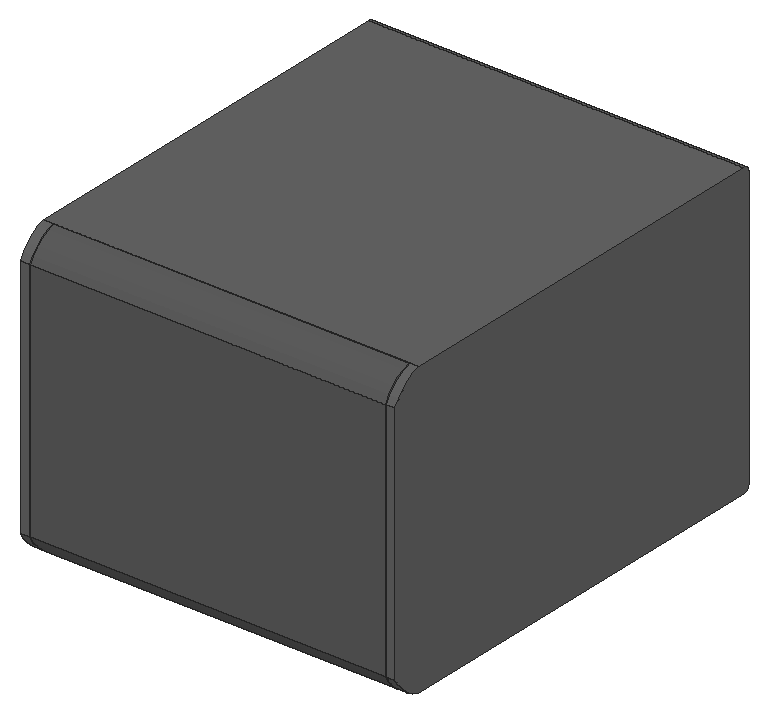
Revit family "GP118-sw", category Communication Devices, Revit 2012
Parameters
  Width = Overall Width  # 655.32 mm
  Weight Product (lb) = 111
  Weight Product (kg) = 50.3
  Weight Dimensional (lb) = 121
  Weight Dimensional (kg) = 54.9
  URL = "http://qsc.com/products/speakers/ap/"
  Sensitivity = 98
  SPL Max = 129
  Regulatory Compliance = "RoHS"
  Rear Handle Offset = 599.516 mm
  Product Page URL = "http://qsc.com/products/speakers/ap/"
  Product Documentation Link = "http://qscmarketing.com/files/5413/5465/8498/GP118_SpecSheet_1212.pdf"
  Power Handling = 1700
  Overall Height = 510.54 mm
  Overall Depth = 771.525 mm
  Model = "GP118-sw"
  Manufacturer URL = "www.qscaudio.com"
  Manufacturer = "QSC Audio Products, LLC"
  Impedance = 8
  Height = Overall Height  # 510.54 mm
  Grill Width = 621.894 mm
  Grille Material = Black Grille
  Grill Depth = 52.07 mm
  Front Handle Offset = 195.021 mm
  Overall Width = 655.32 mm
  Enclosure Material = Black Finish
  Description = "Vented 18\" Subwoofer"
  Depth = Overall Depth  # 771.525 mm
  Default Elevation = 0 mm
Reference planes
  plane 1 "Center (Front/Back)": y = 0
  plane 2: z = 0
  plane 3 "Center (Left/Right)": x = 0
  plane 4 "Enclosure Right Extent": x = 327.66
  plane 5 "Enclosure Left Extent": x = -327.66
  plane 6 "Enclosure Rear Extent": y = 771.525
  plane 7 "Grill Rear Extent": y = 52.07
  plane 8 "Enclosure Top": z = 255.27
  plane 9 "Enclosure Bottom": z = -255.27
  plane 10 "Grill Right Extent": x = 310.947
  plane 11 "Grill Left Extent": x = -310.947
Forms (mm)
  Extrusion 1, solid, material "Black Finish" <- "Enclosure Material"
    sketch origin (-327.66, 0, 0) x (0, -1, 0) y (0, 0, -1)
      loop
        line (-762, -255.27) -> (-52.07, -255.27)
        arc (-52.07, -255.27) -> (-21.449, -239.915) -> (0, -213.205) r 80.391
        arc (0, -213.205) -> (-4.484, 0.001) -> (0, 213.208) r 5070.729
        arc (0, 213.208) -> (-21.449, 239.916) -> (-52.07, 255.27) r 80.391
        line (-52.07, 255.27) -> (-762, 255.27)
        arc (-762, 255.27) -> (-768.735, 252.48) -> (-771.525, 245.745) r 9.525
        line (-771.525, 245.745) -> (-771.525, -245.745)
        arc (-771.525, -245.745) -> (-768.735, -252.48) -> (-762, -255.27) r 9.525
    from 0 to 655.32 <- "Overall Width"
  Extrusion 2, void
    sketch origin (-310.947, 0, 0) x (0, 1, 0) y (0, 0, 1)
      loop
        line (52.07, 255.27) -> (0, 255.27) -> (0, -255.27) -> (52.07, -255.27) -> (52.07, 255.27)
    from 0 to 621.894 <- "Grill Width"
  Extrusion 3, solid, material "Black Grille" <- "Grille Material"
    sketch origin (-310.947, 0, 0) x (0, 1, 0) y (0, 0, 1)
      loop
        arc (52.07, 255.27) -> (21.449, 239.915) -> (0, 213.205) r 80.391
        arc (0, 213.205) -> (4.484, -0.001) -> (0, -213.208) r 5070.729
        arc (0, -213.208) -> (21.449, -239.916) -> (52.07, -255.27) r 80.391
        line (52.07, -255.27) -> (52.07, 255.27)
    from 0 to 621.894 <- "Grill Width"
  Extrusion 4, void
    sketch origin (0, 771.525, 0) x (1, 0, 0) y (0, 0, 1)
      loop
        arc (-102.87, 82.55) -> (-108.258, 80.318) -> (-110.49, 74.93) r 7.62
        line (-110.49, 74.93) -> (-110.49, -74.93)
        arc (-110.49, -74.93) -> (-108.258, -80.318) -> (-102.87, -82.55) r 7.62
        line (-102.87, -82.55) -> (102.87, -82.55)
        arc (102.87, -82.55) -> (108.258, -80.318) -> (110.49, -74.93) r 7.62
        line (110.49, -74.93) -> (110.49, 74.93)
        arc (110.49, 74.93) -> (108.258, 80.318) -> (102.87, 82.55) r 7.62
        line (102.87, 82.55) -> (-102.87, 82.55)
    from 0 to 2.54
Cuts and joins
  Extrusion 2, Extrusion 4 cuts Extrusion 1
Lines and regions (mm)
  model lines
    curve 1: line (-327.66, 365.694, -0.99) -> (-327.66, 351.231, -0.99)
    curve 2: line (-327.66, 365.694, -0.99) -> (-327.66, 351.231, -0.99)
    curve 3: line (-327.66, 405.222, -2.694) -> (-327.66, 395.069, 2.569)
    curve 4: line (-327.66, 405.222, -2.694) -> (-327.66, 395.069, 2.569)
    curve 5: line (-327.66, 454.401, -8.312) -> (-327.66, 462.731, 10.024)
    curve 6: line (-327.66, 462.731, 10.024) -> (-327.66, 454.401, -8.312)
    curve 7: line (-327.66, 454.401, -22.537) -> (-327.66, 464.554, 17.15)
    curve 8: line (-327.66, 464.554, 17.15) -> (-327.66, 454.401, -22.537)
    curve 9: arc (-327.66, 257.81, 10.122) -> (-327.66, 255.95, 14.612) -> (-327.66, 251.46, 16.472) r 6.35
    curve 10: arc (-327.66, 251.46, -16.472) -> (-327.66, 255.95, -14.612) -> (-327.66, 257.81, -10.122) r 6.35
    curve 11: arc (-327.66, 138.582, -16.472) -> (-327.66, 134.092, -14.612) -> (-327.66, 132.232, -10.122) r 6.35
    curve 12: arc (-327.66, 132.232, 10.122) -> (-327.66, 134.092, 14.612) -> (-327.66, 138.582, 16.472) r 6.35
    curve 13: arc (-327.66, 251.46, 16.472) -> (-327.66, 195.021, 18.999) -> (-327.66, 138.582, 16.472) r 631.622
    curve 14: arc (-327.66, 251.46, -16.472) -> (-327.66, 195.021, -18.999) -> (-327.66, 138.582, -16.472) r 631.622
    curve 15: arc (-327.66, 132.232, 10.122) -> (-327.66, 131.626, 0) -> (-327.66, 132.232, -10.122) r 84.785
    curve 16: arc (-327.66, 257.81, 10.122) -> (-327.66, 258.416, 0) -> (-327.66, 257.81, -10.122) r 84.785
    curve 29: arc (-327.66, 662.305, 10.122) -> (-327.66, 660.445, 14.612) -> (-327.66, 655.955, 16.472) r 6.35
    curve 30: arc (-327.66, 655.955, -16.472) -> (-327.66, 660.445, -14.612) -> (-327.66, 662.305, -10.122) r 6.35
    curve 31: arc (-327.66, 543.077, -16.472) -> (-327.66, 538.587, -14.612) -> (-327.66, 536.727, -10.122) r 6.35
    curve 32: arc (-327.66, 536.727, 10.122) -> (-327.66, 538.587, 14.612) -> (-327.66, 543.077, 16.472) r 6.35
    curve 33: arc (-327.66, 655.955, 16.472) -> (-327.66, 599.516, 18.999) -> (-327.66, 543.077, 16.472) r 631.622
    curve 34: arc (-327.66, 655.955, -16.472) -> (-327.66, 599.516, -18.999) -> (-327.66, 543.077, -16.472) r 631.622
    curve 35: arc (-327.66, 536.727, 10.122) -> (-327.66, 536.121, 0) -> (-327.66, 536.727, -10.122) r 84.785
    curve 36: arc (-327.66, 662.305, 10.122) -> (-327.66, 662.911, 0) -> (-327.66, 662.305, -10.122) r 84.785
    curve 39: arc (327.66, 257.81, 10.122) -> (327.66, 255.95, 14.612) -> (327.66, 251.46, 16.472) r 6.35
    curve 40: arc (327.66, 251.46, -16.472) -> (327.66, 255.95, -14.612) -> (327.66, 257.81, -10.122) r 6.35
    curve 41: arc (327.66, 138.582, -16.472) -> (327.66, 134.092, -14.612) -> (327.66, 132.232, -10.122) r 6.35
    curve 42: arc (327.66, 132.232, 10.122) -> (327.66, 134.092, 14.612) -> (327.66, 138.582, 16.472) r 6.35
    curve 43: arc (327.66, 251.46, 16.472) -> (327.66, 195.021, 18.999) -> (327.66, 138.582, 16.472) r 631.622
    curve 44: arc (327.66, 251.46, -16.472) -> (327.66, 195.021, -18.999) -> (327.66, 138.582, -16.472) r 631.622
    curve 45: arc (327.66, 132.232, 10.122) -> (327.66, 131.626, 0) -> (327.66, 132.232, -10.122) r 84.785
    curve 46: arc (327.66, 257.81, 10.122) -> (327.66, 258.416, 0) -> (327.66, 257.81, -10.122) r 84.785
    curve 49: arc (327.66, 662.305, 10.122) -> (327.66, 660.445, 14.612) -> (327.66, 655.955, 16.472) r 6.35
    curve 50: arc (327.66, 655.955, -16.472) -> (327.66, 660.445, -14.612) -> (327.66, 662.305, -10.122) r 6.35
    curve 51: arc (327.66, 543.077, -16.472) -> (327.66, 538.587, -14.612) -> (327.66, 536.727, -10.122) r 6.35
    curve 52: arc (327.66, 536.727, 10.122) -> (327.66, 538.587, 14.612) -> (327.66, 543.077, 16.472) r 6.35
    curve 53: arc (327.66, 655.955, 16.472) -> (327.66, 599.516, 18.999) -> (327.66, 543.077, 16.472) r 631.622
    curve 54: arc (327.66, 655.955, -16.472) -> (327.66, 599.516, -18.999) -> (327.66, 543.077, -16.472) r 631.622
    curve 55: arc (327.66, 536.727, 10.122) -> (327.66, 536.121, 0) -> (327.66, 536.727, -10.122) r 84.785
    curve 56: arc (327.66, 662.305, 10.122) -> (327.66, 662.911, 0) -> (327.66, 662.305, -10.122) r 84.785
    curve 61: line (327.66, 434.661, -1.27) -> (327.66, 449.124, -1.27)
    curve 62: line (327.66, 434.661, -1.27) -> (327.66, 449.124, -1.27)
    curve 63: line (327.66, 395.133, -2.974) -> (327.66, 405.286, 2.288)
    curve 64: line (327.66, 395.133, -2.974) -> (327.66, 405.286, 2.288)
    curve 65: line (327.66, 345.955, -8.592) -> (327.66, 337.625, 9.744)
    curve 66: line (327.66, 337.625, 9.744) -> (327.66, 345.955, -8.592)
    curve 67: line (327.66, 345.955, -22.817) -> (327.66, 335.802, 16.87)
    curve 68: line (327.66, 335.802, 16.87) -> (327.66, 345.955, -22.817)
  model lines, not visible
    curve 17: arc (-327.66, 1877.579, -1221.619) -> (-327.66, 1875.719, -1217.129) -> (-327.66, 1871.229, -1215.269) r 6.35
    curve 18: arc (-327.66, 1871.229, -1248.212) -> (-327.66, 1875.719, -1246.353) -> (-327.66, 1877.579, -1241.862) r 6.35
    curve 19: arc (-327.66, 1758.351, -1248.212) -> (-327.66, 1753.861, -1246.353) -> (-327.66, 1752.001, -1241.862) r 6.35
    curve 20: arc (-327.66, 1752.001, -1221.619) -> (-327.66, 1753.861, -1217.129) -> (-327.66, 1758.351, -1215.269) r 6.35
    curve 21: arc (-327.66, 1871.229, -1215.269) -> (-327.66, 1814.79, -1212.742) -> (-327.66, 1758.351, -1215.269) r 631.622
    curve 22: arc (-327.66, 1871.229, -1248.212) -> (-327.66, 1814.79, -1250.739) -> (-327.66, 1758.351, -1248.212) r 631.622
    curve 23: arc (-327.66, 1752.001, -1221.619) -> (-327.66, 1751.395, -1231.741) -> (-327.66, 1752.001, -1241.862) r 84.785
    curve 24: arc (-327.66, 1877.579, -1221.619) -> (-327.66, 1878.185, -1231.741) -> (-327.66, 1877.579, -1241.862) r 84.785
    curve 71: line (-327.66, 146.619, -135.927) -> (-327.66, 132.156, -135.927)
    curve 72: line (-327.66, 146.619, -135.927) -> (-327.66, 132.156, -135.927)
    curve 73: line (-327.66, 186.147, -137.631) -> (-327.66, 175.994, -132.369)
    curve 74: line (-327.66, 186.147, -137.631) -> (-327.66, 175.994, -132.369)
    curve 75: line (-327.66, 235.326, -143.249) -> (-327.66, 243.656, -124.914)
    curve 76: line (-327.66, 243.656, -124.914) -> (-327.66, 235.326, -143.249)
    curve 77: line (-327.66, 235.326, -157.474) -> (-327.66, 245.479, -117.788)
    curve 78: line (-327.66, 245.479, -117.788) -> (-327.66, 235.326, -157.474)
  reference lines
    curve 25: line (-327.66, 195.021, 18.999) -> (-327.66, 195.021, -18.999)
    curve 27: line (-327.66, 258.416, 0) -> (-327.66, 131.626, 0)
    curve 37: line (-327.66, 599.516, 18.999) -> (-327.66, 599.516, -18.999)
    curve 38: line (-327.66, 662.911, 0) -> (-327.66, 536.121, 0)
    curve 47: line (327.66, 195.021, 18.999) -> (327.66, 195.021, -18.999)
    curve 48: line (327.66, 258.416, 0) -> (327.66, 131.626, 0)
    curve 57: line (327.66, 599.516, 18.999) -> (327.66, 599.516, -18.999)
    curve 58: line (327.66, 662.911, 0) -> (327.66, 536.121, 0)
    curve 59: line (-310.947, 314.894, -0.99) -> (-310.947, 492.694, -0.99)
    curve 60: line (-310.947, 400.242, 35.783) -> (-310.947, 400.242, -40.417)
    curve 69: line (310.947, 485.461, -1.27) -> (310.947, 307.661, -1.27)
    curve 70: line (310.947, 400.113, 35.503) -> (310.947, 400.113, -40.697)
  reference lines, not visible
    curve 26: line (-327.66, 1814.79, -1212.742) -> (-327.66, 1814.79, -1250.739)
    curve 28: line (-327.66, 1878.185, -1231.741) -> (-327.66, 1751.395, -1231.741)
    curve 79: line (-310.947, 95.819, -135.927) -> (-310.947, 273.619, -135.927)
    curve 80: line (-310.947, 181.167, -99.154) -> (-310.947, 181.167, -175.354)
Dimensions and locks
  equal spacing: plane 5 "Enclosure Left Extent", plane 3 "Center (Left/Right)", plane 4 "Enclosure Right Extent"
  "Overall Width": plane 5 "Enclosure Left Extent" to plane 4 "Enclosure Right Extent"
  "Overall Depth": plane 6 "Enclosure Rear Extent" to plane 1 "Center (Front/Back)"
  "Grill Depth": plane 1 "Center (Front/Back)" to plane 7 "Grill Rear Extent"
  equal spacing: plane 9 "Enclosure Bottom", level, plane 8 "Enclosure Top"
  "Overall Height": plane 9 "Enclosure Bottom" to plane 8 "Enclosure Top"
  locked: Extrusion 1 sketch curve to plane 8 "Enclosure Top" at 42.065
  locked: plane 9 "Enclosure Bottom" to Extrusion 1 sketch curve at 42.062
  equal spacing: plane 11 "Grill Left Extent", plane 3 "Center (Left/Right)", plane 10 "Grill Right Extent"
  "Grill Width": plane 11 "Grill Left Extent" to plane 10 "Grill Right Extent"
  "Front Handle Offset": curve 25 to plane 1 "Center (Front/Back)"
  "Rear Handle Offset": curve 37 to plane 1 "Center (Front/Back)"
  "Front Handle Offset": plane 1 "Center (Front/Back)" to curve 47
  "Rear Handle Offset": plane 1 "Center (Front/Back)" to curve 57
  radius of Extrusion 1 sketch curve = 9.525 mm  (x2)
  radius of Extrusion 1 sketch curve = 80.391 mm  (x2)
  radius of Extrusion 1 sketch curve = 5070.729 mm
  aligned and locked: plane 2 to level
  aligned and locked: Extrusion 1 sketch curve to plane 8 "Enclosure Top"
  aligned and locked: Extrusion 1 sketch curve to plane 6 "Enclosure Rear Extent"
  aligned and locked: plane 9 "Enclosure Bottom" to Extrusion 1
  aligned and locked: plane 8 "Enclosure Top" to Extrusion 2 sketch curve
  aligned and locked: plane 7 "Grill Rear Extent" to Extrusion 2 sketch curve
  aligned and locked: Extrusion 2 sketch curve to plane 9 "Enclosure Bottom"
  aligned and locked: plane 1 "Center (Front/Back)" to Extrusion 2 sketch curve
  aligned and locked: Extrusion 3 sketch curve to cut or joined group of Extrusion 1, Extrusion 2, Extrusion 4  (x4)
  aligned and locked: plane 5 "Enclosure Left Extent" to curve 4
  aligned and locked: curve 27 to level
  aligned and locked: curve 38 to level
  aligned and locked: plane 4 "Enclosure Right Extent" to curve 42
  aligned and locked: level to curve 48
  aligned and locked: plane 4 "Enclosure Right Extent" to curve 58
  aligned and locked: level to curve 58
Automatic sketch dimensions
  curve 27 to curve 25 = 63.395 mm
  curve 25 to curve 27 = 63.395 mm
  curve 27 to curve 25 = 18.999 mm
  curve 25 to curve 25 = 37.997 mm
  curve 28 to curve 26 = 63.395 mm
  curve 26 to curve 28 = 63.395 mm
  curve 28 to curve 26 = 18.999 mm
  curve 26 to curve 26 = 37.997 mm
  curve 10 to curve 16 = 0 mm
  curve 10 to curve 10 = 6.35 mm
  curve 9 to curve 9 = 6.35 mm
  curve 9 to curve 15 = 35.049 mm
  curve 10 to curve 13 = 56.439 mm
  curve 15 to curve 16 = 42.78 mm
  curve 16 to curve 12 = 35.049 mm
  curve 11 to curve 12 = 0 mm
  curve 12 to curve 15 = 6.35 mm
  curve 11 to curve 11 = 6.35 mm
  curve 11 to curve 13 = 596.151 mm
  curve 15 to curve 10 = 10.122 mm
  curve 12 to curve 16 = 10.122 mm
  curve 14 to curve 12 = 596.151 mm
  curve 18 to curve 24 = 0 mm
  curve 18 to curve 18 = 6.35 mm
  curve 17 to curve 17 = 6.35 mm
  curve 17 to curve 23 = 35.049 mm
  curve 18 to curve 21 = 56.439 mm
  curve 23 to curve 24 = 42.78 mm
  curve 24 to curve 20 = 35.049 mm
  curve 19 to curve 20 = 0 mm
  curve 20 to curve 23 = 6.35 mm
  curve 19 to curve 19 = 6.35 mm
  curve 19 to curve 21 = 596.151 mm
  curve 23 to curve 18 = 10.122 mm
  curve 20 to curve 24 = 10.122 mm
  curve 22 to curve 20 = 596.151 mm
  curve 38 to curve 37 = 63.395 mm
  curve 37 to curve 38 = 63.395 mm
  curve 38 to curve 37 = 18.999 mm
  curve 37 to curve 37 = 37.997 mm
  curve 30 to curve 36 = 0 mm
  curve 30 to curve 30 = 6.35 mm
  curve 29 to curve 29 = 6.35 mm
  curve 29 to curve 35 = 35.049 mm
  curve 30 to curve 33 = 56.439 mm
  curve 35 to curve 36 = 42.78 mm
  curve 36 to curve 32 = 35.049 mm
  curve 31 to curve 32 = 0 mm
  curve 32 to curve 35 = 6.35 mm
  curve 31 to curve 31 = 6.35 mm
  curve 31 to curve 33 = 596.151 mm
  curve 35 to curve 30 = 10.122 mm
  curve 32 to curve 36 = 10.122 mm
  curve 34 to curve 32 = 596.151 mm
  curve 48 to curve 47 = 63.395 mm
  curve 47 to curve 48 = 63.395 mm
  curve 48 to curve 47 = 18.999 mm
  curve 47 to curve 47 = 37.997 mm
  curve 40 to curve 46 = 0 mm
  curve 40 to curve 40 = 6.35 mm
  curve 39 to curve 39 = 6.35 mm
  curve 39 to curve 45 = 35.049 mm
  curve 40 to curve 43 = 56.439 mm
  curve 45 to curve 46 = 42.78 mm
  curve 46 to curve 42 = 35.049 mm
  curve 41 to curve 42 = 0 mm
  curve 42 to curve 45 = 6.35 mm
  curve 41 to curve 41 = 6.35 mm
  curve 41 to curve 43 = 596.151 mm
  curve 45 to curve 40 = 10.122 mm
  curve 42 to curve 46 = 10.122 mm
  curve 44 to curve 42 = 596.151 mm
  curve 58 to curve 57 = 63.395 mm
  curve 57 to curve 58 = 63.395 mm
  curve 58 to curve 57 = 18.999 mm
  curve 57 to curve 57 = 37.997 mm
  curve 50 to curve 56 = 0 mm
  curve 50 to curve 50 = 6.35 mm
  curve 49 to curve 49 = 6.35 mm
  curve 49 to curve 55 = 35.049 mm
  curve 50 to curve 53 = 56.439 mm
  curve 55 to curve 56 = 42.78 mm
  curve 56 to curve 52 = 35.049 mm
  curve 51 to curve 52 = 0 mm
  curve 52 to curve 55 = 6.35 mm
  curve 51 to curve 51 = 6.35 mm
  curve 51 to curve 53 = 596.151 mm
  curve 55 to curve 50 = 10.122 mm
  curve 52 to curve 56 = 10.122 mm
  curve 54 to curve 52 = 596.151 mm
  curve 59 to curve 60 = 85.348 mm
  curve 60 to curve 59 = 92.452 mm
  curve 60 to curve 59 = 39.427 mm
  curve 60 to curve 60 = 76.2 mm
  curve 69 to curve 70 = 85.348 mm
  curve 70 to curve 69 = 92.452 mm
  curve 70 to curve 69 = 39.427 mm
  curve 70 to curve 70 = 76.2 mm
  Extrusion 1 sketch curve to plane 7 "Grill Rear Extent" = 0 mm  (x2)
  Extrusion 1 sketch curve to plane 1 "Center (Front/Back)" = 0 mm  (x2)
  plane 9 "Enclosure Bottom" to Extrusion 1 sketch curve = 0 mm
  plane 8 "Enclosure Top" to Extrusion 1 sketch curve = 0 mm
  curve 79 to curve 80 = 85.348 mm
  curve 80 to curve 79 = 92.452 mm
  curve 80 to curve 79 = 39.427 mm
  curve 80 to curve 80 = 76.2 mm
  Extrusion 4 sketch curve to Extrusion 4 sketch curve = 7.62 mm  (x4)
  plane 3 "Center (Left/Right)" to Extrusion 4 sketch curve = 110.49 mm
  Extrusion 4 sketch curve to plane 3 "Center (Left/Right)" = 102.87 mm
  Extrusion 4 sketch curve to level = 82.55 mm
  level to Extrusion 4 sketch curve = 74.93 mm
Connectors
  electrical at (0, 768.985, 0)
    settings: on cut or joined group of Extrusion 1, Extrusion 2, Extrusion 4, index 1, voltage 0 V, apparent load 0 VA, apparent load phase1 0 VA, apparent load phase2 0 VA, apparent load phase3 0 VA, power factor 1, load classification "Other", number of poles 1, system type 14, power factor state 1, is connector primary yes, connector utility no, sub classification motor no, connector description "Speaker Input/Output (Parallel)"
  electrical at (0, 768.985, 0)
    settings: on cut or joined group of Extrusion 1, Extrusion 2, Extrusion 4, index 2, voltage 0 V, apparent load 0 VA, apparent load phase1 0 VA, apparent load phase2 0 VA, apparent load phase3 0 VA, power factor 1, load classification "Other", number of poles 1, system type 14, power factor state 1, is connector primary no, connector utility no, sub classification motor no, connector description "Speaker Input/Output (Parallel)"
